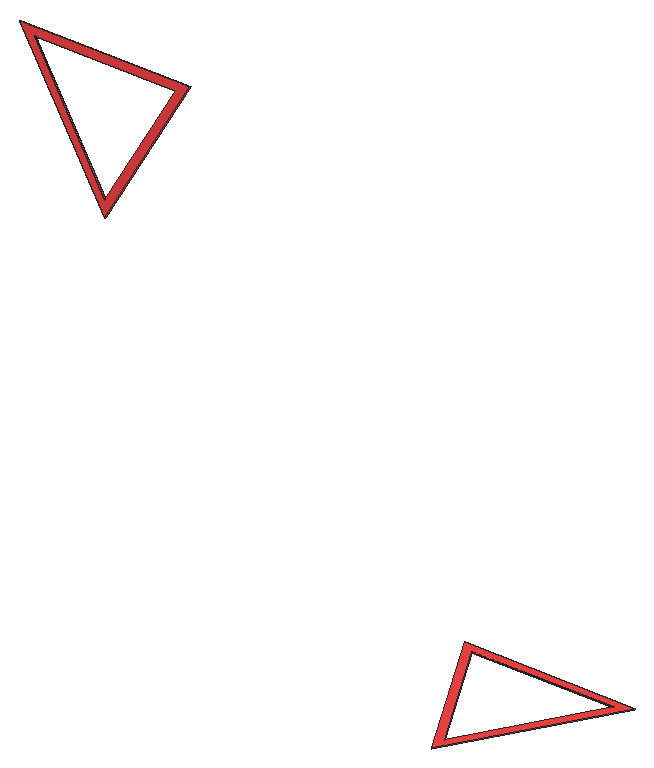
Revit family "FRW_Main Shared.content", category Generic Models, Revit 2021
Family settings
  Can host rebar = No
  Round Connector Dimension = Use Diameter
  Part Type = Normal
  Work Plane-Based = Yes
  Always vertical = Yes
  Cut with Voids When Loaded = No
  Shared = Yes
  Room Calculation Point = No
Parameters (values of type "FRW_Main")
  symbol_H [instance] = 1500 mm
  notes = "this is a shared family for all plot 9"
  Default Elevation = 1219.2 mm
Reference planes
  plane 1 "Center (Front/Back)": y = 0
  plane 2: z = 0
  plane 3 "Center (Left/Right)": x = 0
  plane 4: z = 1500
  plane 5: y = 500
Forms (mm)
  Extrusion 1, solid, not visible
    sketch origin (349.558, -482.168, 0) x (1, 0, 0) y (0, 1, 0)
      loop
        line (-392.058, 524.668) -> (-392.058, 439.668) -> (-307.058, 439.668) -> (-307.058, 524.668) -> (-392.058, 524.668)
    from 0 to 4500
Dimensions and locks
  plane 1 "Center (Front/Back)" to plane 5 = 500 mm
  "symbol_H": plane 2 to plane 4
  plane 2 to nested 5 = 700 mm
  aligned and locked: plane 2 to level
  aligned and locked: plane 3 "Center (Left/Right)" to nested 1
  aligned and locked: plane 3 "Center (Left/Right)" to nested 2
  aligned and locked: plane 3 "Center (Left/Right)" to nested 3
  aligned and locked: nested 3 to plane 4
  aligned and locked: nested 4 to plane 4
  aligned and locked: plane 3 "Center (Left/Right)" to nested 4
  aligned and locked: plane 3 "Center (Left/Right)" to nested 5
  aligned and locked: nested 5 to plane 5
  aligned and locked: nested 6 to plane 5
  aligned and locked: plane 3 "Center (Left/Right)" to nested 6
Automatic sketch dimensions
  Extrusion 1 sketch curve to plane 3 "Center (Left/Right)" = 42.5 mm
  plane 3 "Center (Left/Right)" to Extrusion 1 sketch curve = 42.5 mm
  plane 1 "Center (Front/Back)" to Extrusion 1 sketch curve = 42.5 mm
  Extrusion 1 sketch curve to plane 1 "Center (Front/Back)" = 42.5 mm
Nested families
  nested 1: "FRW_Symbol_COARSE" at (0, 1037.113, 0), type "DD", not visible, detail levels medium
  nested 2: "FRW_Symbol_FINE" at (0, 901.794, 0), type "DD", not visible, detail levels fine
  nested 3: "FRW_SHAPE COARSE_V" at (0, 0, 1500) x (1, 0, 0) z (0, -1, 0), type "DD", detail levels coarse+medium
  nested 4: "FRW_SHAPE FINE_V" at (0, 0, 1500) x (1, 0, 0) z (0, -1, 0), type "DD", detail levels fine
  nested 5: "FRW_SHAPE COARSE_H" at (0, 500, 700), type "DD", detail levels coarse+medium
  nested 6: "FRW_SHAPE FINE_H" at (0, 500, 700), type "DD", detail levels fine
Definition of nested family "FRW_SHAPE COARSE_V"
  Parameters (values of type "DD")
    Default Elevation = 1219.2 mm
  Reference planes
    plane 1 "Center (Front/Back)": y = 0
    plane 2: z = 0
    plane 3 "Center (Left/Right)": x = 0
  Forms (mm)
    Extrusion 1, solid
      sketch origin (0, 520, 0) x (1, 0, 0) y (0, 1, 0)
        loop
          line (259, -71.399) -> (-259, -71.399) -> (0, -520) -> (259, -71.399)
        loop
          line (181.058, -116.399) -> (-181.058, -116.399) -> (0, -430) -> (181.058, -116.399)
      from -1 to 0
  Dimensions and locks
    aligned and locked: plane 2 to level
Definition of nested family "FRW_SHAPE FINE_V"
  Parameters (values of type "DD")
    Default Elevation = 1219.2 mm
  Reference planes
    plane 1 "Center (Front/Back)": y = 0
    plane 2: z = 0
    plane 3 "Center (Left/Right)": x = 0
  Forms (mm)
    Extrusion 1, solid
      sketch origin (0, 0, 0) x (1, 0, 0) y (0, 1, 0)
        loop
          line (0, 0) -> (104, 180.133) -> (-104, 180.133) -> (0, 0)
        loop
          line (-86.679, 170.133) -> (0, 20) -> (86.679, 170.133) -> (-86.679, 170.133)
      from -1 to 0
  Dimensions and locks
    aligned and locked: plane 2 to level
Definition of nested family "FRW_SHAPE COARSE_H"
  Parameters (values of type "DD")
    Default Elevation = 1219.2 mm
  Reference planes
    plane 1 "Center (Front/Back)": y = 0
    plane 2: z = 0
    plane 3 "Center (Left/Right)": x = 0
  Forms (mm)
    Extrusion 1, solid
      sketch origin (0, 520, 0) x (1, 0, 0) y (0, 1, 0)
        loop
          line (259, -71.399) -> (-259, -71.399) -> (0, -520) -> (259, -71.399)
        loop
          line (-181.058, -116.399) -> (0, -430) -> (181.058, -116.399) -> (-181.058, -116.399)
      from -1 to 0
  Dimensions and locks
    aligned and locked: plane 2 to level
Definition of nested family "FRW_SHAPE FINE_H"
  Parameters (values of type "DD")
    Default Elevation = 1219.2 mm
  Reference planes
    plane 1 "Center (Front/Back)": y = 0
    plane 2: z = 0
    plane 3 "Center (Left/Right)": x = 0
  Forms (mm)
    Extrusion 1, solid
      sketch origin (0, 0, 0) x (1, 0, 0) y (0, 1, 0)
        loop
          line (0, 0) -> (104, 180.133) -> (-104, 180.133) -> (0, 0)
        loop
          line (86.679, 170.133) -> (-86.679, 170.133) -> (0, 20) -> (86.679, 170.133)
      from -1 to 0
  Dimensions and locks
    aligned and locked: plane 2 to level
Definition of nested family "FRW_Symbol_COARSE"
  Reference planes
    plane 1: y = 0
    plane 2: x = 0
  Lines and regions (mm)
    Filled region 1, type "FRW"
      outline origin (0, 0, 0) x (1, 0, 0) y (0, 1, 0)
        loop
          line (-1.732, 3) -> (0, 0) -> (1.732, 3) -> (-1.732, 3)
        loop
          line (1.212, 2.7) -> (-1.212, 2.7) -> (0, 0.6) -> (1.212, 2.7)
Definition of nested family "FRW_Symbol_FINE"
  Reference planes
    plane 1: y = 0
    plane 2: x = 0
  Lines and regions (mm)
    Filled region 1, type "FRW"
      outline origin (0, 6, 0) x (1, 0, 0) y (0, 1, 0)
        loop
          line (-5.196, 3) -> (0, -6) -> (5.196, 3) -> (-5.196, 3)
        loop
          line (4.33, 2.5) -> (-4.33, 2.5) -> (0, -5) -> (4.33, 2.5)
